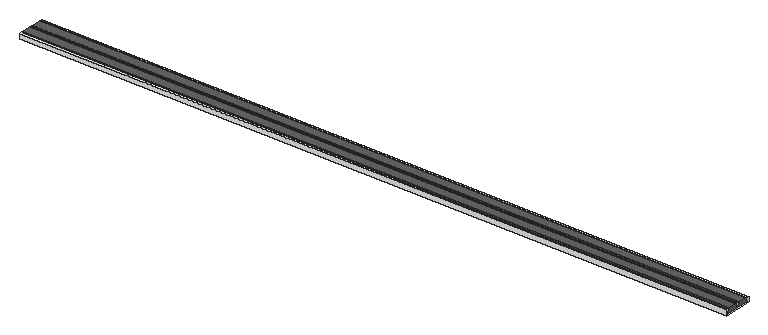
Revit family "Stair_Tread-Wooster-Supergrit_Safety_Treads-610", category Specialty Equipment, host Face, Revit 2017
Family settings
  Host = Face
  Round Connector Dimension = Use Diameter
  Part Type = Normal
  OmniClass Number = 23.30.70.21.11.11.11
  OmniClass Title = Stair Nosings
  Cut with Voids When Loaded = No
  Shared = No
  Room Calculation Point = No
Parameters (values of type "610")
  Width [instance] = 0' - 1 3/8"  # constant formula
  Version = "2017 - v2.0a"  # constant formula
  URL = "http://www.wooster-products.com/"
  Support Phone = "(224) 699-9545"  # constant formula
  Support Email = "mailto:support@anguleris.com"
  Safety Tread [instance] = Filler - Wooster - Black - Abrasive Filler
  Product Page URL = "http://www.woosterproducts.com/products/extruded-aluminum/supergrit/"
  Product Name = "Supergrit Nosings / Warning Strips"  # constant formula
  Product Documentation Link = "http://www.woosterproducts.com/spec/610.pdf"
  Model = "610"
  Material = ""
  Manufacturer Phone Number = "1-800-321-4936 or 330-264-2844"  # constant formula
  Manufacturer Fax Number = "330-262-4151"  # constant formula
  Manufacturer Email = "mailto:tim@wooster-products.com"
  Manufacturer Address = "1000 Spruce Street, P.O. BOX 6005, Wooster, OH. 44691"  # constant formula
  Manufacturer = "Wooster Productions Inc"  # constant formula
  Length Constraint [instance] = if(Length > 12' 0", 12' 0", Length)  # 3' - 0"
  Length [instance] = 3' - 0"
  Description = "Anti-Slip Stair Nosing"  # constant formula
  Depth = 0' - 0 1/4"  # constant formula
  Default Elevation = 0' - 0"  # constant formula
  Copyright = "Wooster Products Inc. 2019"  # constant formula
  Construction Type = "Existing Construction"  # constant formula
Values of the unnamed type that differ from the named types
  Support Email = ""
  Product Page URL = "http://www.wooster-products.com/Supergrit_Safety_Treads.html"
  Product Documentation Link = "http://wooster-products.com/pub/Specs/610.pdf"
  Manufacturer Email = ""
Reference planes (in)
  plane 1 "Center (Front/Back)": y = 0
  plane 2: z = 0
  plane 3 "Center (Left/Right)": x = 0
  plane 4 "Left": x = -18
  plane 5 "Right": x = 18
  plane 6 "Back": y = 0.6875
  plane 7 "Front": y = -0.6875
  plane 8 "Bottom": z = -0.23438
  plane 9: z = 0.01562
Forms (in)
  Sweep 1, void
    path origin (0, 24.00329, 0.01562) x (0, 1, 0) y (-1, 0, 0)
      loop
        line (-23.31579, -18) -> (-23.31579, 18)
    profile "Void : Void" origin (0, 0.6875, 0.01562) x (0, -1, 0) y (0, 0, 1)
      loop
        line (0, 0) -> (0, -0.25216) -> (1.4004, -0.25216) -> (1.4004, 0) -> (0, 0)
  Sweep 2, solid, material "Metal - Wooster - Extruded Aluminum"
    path origin (0, 24.00329, 0.01562) x (0, 1, 0) y (-1, 0, 0)
      loop
        line (-23.31579, 18) -> (-23.31579, -18)
    profile "Aluminum Base : Aluminum Base" origin (0, 0.6875, 0.01562) x (0, 1, 0) y (0, 0, 1)
      loop
        line (0, 0) -> (-0.125, 0) -> (-0.09487, -0.18456) -> (-0.66782, -0.18456) -> (-0.6377, 0) -> (-0.76269, 0) -> (-0.73257, -0.18456) -> (-1.30552, -0.18456) -> (-1.2754, 0) -> (-1.4004, 0) -> (-1.4004, -0.25216) -> (0, -0.25216) -> (0, 0)
  Sweep 3, solid, material "Filler - Wooster - Black - Abrasive Filler" <- "Safety Tread"
    path origin (0, 24.00329, 0.01562) x (0, 1, 0) y (-1, 0, 0)
      loop
        line (-23.31579, 18) -> (-23.31579, -18)
    profile "Abrasive Filler : Abrasive Filler" origin (0, 0.6875, 0.01562) x (0, 1, 0) y (0, 0, 1)
      loop
        line (-0.76744, 0.02909) -> (-1.27065, 0.02909) -> (-1.30552, -0.18456) -> (-0.73257, -0.18456) -> (-0.76744, 0.02909)
      loop
        line (-0.09487, -0.18456) -> (-0.12975, 0.02909) -> (-0.63295, 0.02909) -> (-0.66782, -0.18456) -> (-0.09487, -0.18456)
Lines and regions (in)
  Masking region 1
    outline origin (0, 0, 0) x (1, 0, 0) y (0, 1, 0)
      loop
        line (-18, 0.6875) -> (-18, -0.6875) -> (18, -0.6875) -> (18, 0.6875) -> (-18, 0.6875)
Dimensions and locks (in)
  equal spacing: plane 4 "Left", plane 3 "Center (Left/Right)", plane 5 "Right"
  "Length Constraint": plane 4 "Left" to plane 5 "Right"
  equal spacing: plane 7 "Front", plane 1 "Center (Front/Back)", plane 6 "Back"
  "Width": plane 7 "Front" to plane 6 "Back"
  locked: plane 9 to plane 8 "Bottom" at 0.25
  locked: plane 2 to plane 8 "Bottom" at 0.23438
  aligned and locked: plane 2 to host face
  aligned and locked: level to host face
  aligned and locked: plane 4 "Left" to Sweep 1 sketch curve
  aligned and locked: plane 6 "Back" to Sweep 1 sketch curve
  aligned and locked: plane 5 "Right" to Sweep 1 sketch curve
  aligned and locked: plane 5 "Right" to Sweep 2 sketch curve
  aligned and locked: plane 4 "Left" to Sweep 2 sketch curve
  aligned and locked: Sweep 2 sketch curve to plane 6 "Back"
  aligned and locked: Sweep 3 sketch curve to plane 6 "Back"
  aligned and locked: plane 4 "Left" to Sweep 3 sketch curve
  aligned and locked: plane 5 "Right" to Sweep 3 sketch curve
  aligned and locked: plane 4 "Left" to Masking region 1 sketch curve
  aligned and locked: Masking region 1 sketch curve to plane 6 "Back"
  aligned and locked: Masking region 1 sketch curve to plane 7 "Front"
  aligned and locked: plane 5 "Right" to Masking region 1 sketch curve
Automatic sketch dimensions
  host sketch curve to host sketch curve = 8' - 0"
  host sketch curve to host sketch curve = 4' - 0"
